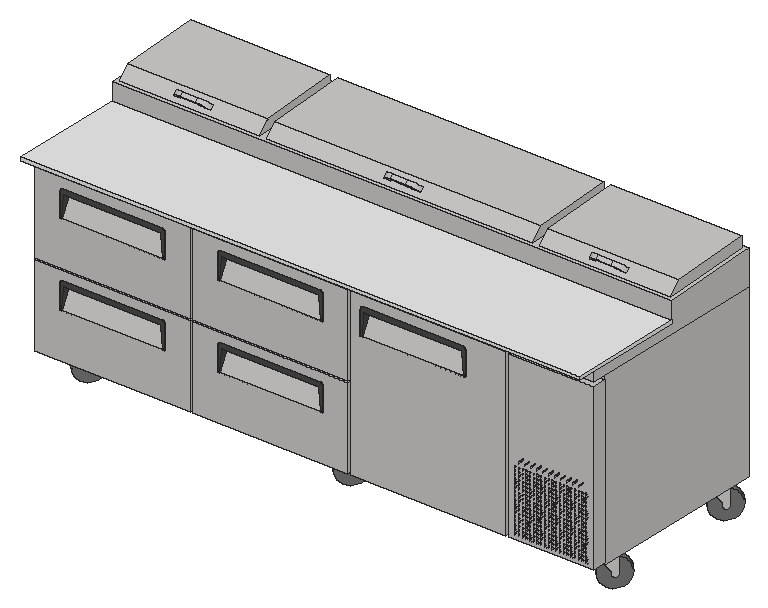
Revit family "QF_Turbo Air_TPR-93SD-D4", category Specialty Equipment, Revit 2012
Parameters
  Weight in Pounds = 722
  Watermarked By = "http://revitwatermark.com"
  Volts = 115 V
  URL Cutsheet = ""
  URL = "www.turboairinc.com"
  Status [instance] = ""
  Specification by User [instance] = ""
  Specification by Manufacturer [instance] = ""
  Serial Number [instance] = ""
  Revision Code [instance] = ""
  Phase = 1
  Number of Poles [instance] = 1
  NAFEM Spec ID Number [instance] = ""
  Model = "TPR-93SD-D4"
  Masterspec [instance] = ""
  Manufacturer = "Turbo Air"  # constant formula
  Legs [instance] = [6 inch Legs]  # no
  Item Number [instance] = "-"
  Installed By [instance] = ""
  HP = "2/3"
  Furnished By [instance] = ""
  Foodservice Equipment Identifier = yes
  FL Amps = 11 A
  Electrical Remarks [instance] = ""
  Electric Connection Type [instance] = ""
  Elec Conn RI Height [instance] = 0' - 0"
  Elec Conn Connection Height = 1' - 0"
  Description = "Pizza Prep Table"
  Cycle = 60 Hz
  Conn Plug = "NEMA 5-15P"
  Casters [instance] = not(Legs)  # yes
  CasterLeg Height [instance] = if([5 inch Casters], 0' 5 7/8", if([2_5 inch Casters], 0' 3 3/8", 0' 6"))  # 0' - 5 7/8"
  CSI MasterFormat = "11 41 13"
  Assembly Code = "E1090320"
  Apparent Power = if(Phase = 3, Volts * FL Amps * 1.73, Volts * FL Amps)  # 1265 VA
  6 inch Legs [instance] = no
  5 inch Casters [instance] = yes
  2_5 inch Casters [instance] = no
Reference planes (in)
  plane 1 "BACK": y = 0
  plane 2: z = 0
  plane 3 "LEFT": x = -20.78844
  plane 4 "RIGHT": x = 72.58656
  plane 5 "Front of Door": y = -32.25
  plane 6 "FRONT": y = -35.25
  plane 7 "Front of Pans": y = -16
  plane 8 "Left of Compressor": x = 58.46156
  plane 9 "Right of Left Door": x = 5.21156
  plane 10 "Bottom": z = 5.875
  plane 11 "TOP": z = 41.875
  plane 12 "Door Clearance": z = 53.25
  plane 13 "Work Top": z = 35.875
  plane 14: z = 34.3125
  plane 15 "Top of Door": z = 33.5625
  plane 16 "Bottom of Door": z = 6.125
  plane 17 "Back Stops": y = 1
  plane 18 "Front of Box": y = -29.875
  plane 19 "Left of Left Lid": x = -20.10094
  plane 20 "Right of Right Lid": x = 71.89906
  plane 21 "Handle Center of Left Lid": x = -8.44469
  plane 22 "Handle Elevation": z = 40.14331
  plane 23 "Handle Center FB": y = -14.47887
  plane 24 "Right of Right Door": x = 57.96156
  plane 25 "Left of Right Door": x = 31.96156
  plane 26 "Right of Left Lid": x = 3.21156
  plane 27 "Left of Right Lid": x = 50.02406
  plane 28 "Handle Center Right Lid": x = 60.96156
  plane 29 "Left of Middle Lid": x = 4.39906
  plane 30 "Right of Middle Lid": x = 48.83656
  plane 31 "Handle Center Middle Lid": x = 26.61781
  plane 32 "Left of Middle Door": x = 5.58656
  plane 33 "Right of Middle Door": x = 31.58656
  plane 34 "Front of Drawer Clearance": y = -57.375
Forms (in)
  Extrusion 1, solid, material "QF_Finishes_Stainless Steel"
    sketch origin (-20.78844, 0, 0) x (0, 1, 0) y (0, 0, 1)
      loop
        line (0, 34.3125) -> (-29.875, 34.3125) -> (-29.875, 5.875) -> (0, 5.875) -> (0, 34.3125)
    from 0 to 93.375
  Extrusion 2, solid, material "QF_Finishes_Stainless Steel"
    sketch origin (-20.78844, 0, 0) x (0, 1, 0) y (0, 0, 1)
      loop
        line (0, 34.3125) -> (0, 40.1875) -> (-16, 39.1875) -> (-16, 35.875) -> (-32.25, 35.875) -> (-32.25, 34.3125) -> (0, 34.3125)
    from 0 to 93.375
  Extrusion 3, solid, material "QF_Finishes_Stainless Steel"
    sketch origin (-20.10094, 0, 0) x (0, 1, 0) y (0, 0, 1)
      loop
        line (-0.43665, 40.16021) -> (-0.54382, 41.875) -> (-13.67506, 41.0543) -> (-15.28268, 39.23233) -> (-0.43665, 40.16021)
    from 0 to 23.3125
  Extrusion 4, solid, material "QF_Finishes_Stainless Steel"
    sketch origin (0, 15.62211, 13.58363) x (1, 0, 0) y (0, -0.749838, 0.661622)
      loop
        line (-6.44469, 40.14331) -> (-5.44469, 40.14331)
        arc (-5.44469, 40.14331) -> (-6.1194, 41.04872) -> (-7.19469, 41.39331) r 1.85
        line (-7.19469, 41.39331) -> (-9.69469, 41.39331)
        arc (-9.69469, 41.39331) -> (-10.76998, 41.04872) -> (-11.44469, 40.14331) r 1.85
        line (-11.44469, 40.14331) -> (-10.44469, 40.14331) -> (-10.44469, 40.64331)
        arc (-10.44469, 40.64331) -> (-10.29824, 40.99687) -> (-9.94469, 41.14331) r 0.5
        line (-9.94469, 41.14331) -> (-6.94469, 41.14331)
        arc (-6.94469, 41.14331) -> (-6.59114, 40.99687) -> (-6.44469, 40.64331) r 0.5
        line (-6.44469, 40.64331) -> (-6.44469, 40.14331)
    from -0.375 to 0.375
  Extrusion 5, solid, material "QF_Finishes_Black"
    sketch origin (0, -29.875, 0) x (1, 0, 0) y (0, 0, 1)
      loop
        line (-19.78844, 32.5625) -> (-19.78844, 7.125) -> (4.21156, 7.125) -> (4.21156, 32.5625) -> (-19.78844, 32.5625)
    from 0 to 0.5625
  Extrusion 6, solid, material "QF_Finishes_Stainless Steel"
    sketch origin (0, -29.875, 0) x (1, 0, 0) y (0, 0, 1)
      loop
        line (58.46156, 33.5625) -> (58.46156, 6.125) -> (72.58656, 6.125) -> (72.58656, 33.5625) -> (58.46156, 33.5625)
      loop
        line (66.02406, 7.125) -> (65.64906, 7.125) -> (65.64906, 6.75) -> (66.02406, 6.75) -> (66.02406, 7.125)
      loop
        line (66.64906, 7.125) -> (66.27406, 7.125) -> (66.27406, 6.75) -> (66.64906, 6.75) -> (66.64906, 7.125)
      loop
        line (67.27406, 7.125) -> (66.89906, 7.125) -> (66.89906, 6.75) -> (67.27406, 6.75) -> (67.27406, 7.125)
      loop
        line (67.89906, 7.125) -> (67.52406, 7.125) -> (67.52406, 6.75) -> (67.89906, 6.75) -> (67.89906, 7.125)
      loop
        line (68.52406, 7.125) -> (68.14906, 7.125) -> (68.14906, 6.75) -> (68.52406, 6.75) -> (68.52406, 7.125)
      loop
        line (69.14906, 7.125) -> (68.77406, 7.125) -> (68.77406, 6.75) -> (69.14906, 6.75) -> (69.14906, 7.125)
      loop
        line (69.77406, 7.125) -> (69.39906, 7.125) -> (69.39906, 6.75) -> (69.77406, 6.75) -> (69.77406, 7.125)
      loop
        line (70.39906, 7.125) -> (70.02406, 7.125) -> (70.02406, 6.75) -> (70.39906, 6.75) -> (70.39906, 7.125)
      loop
        line (71.02406, 7.125) -> (70.64906, 7.125) -> (70.64906, 6.75) -> (71.02406, 6.75) -> (71.02406, 7.125)
      loop
        line (71.64906, 6.75) -> (71.64906, 7.125) -> (71.27406, 7.125) -> (71.27406, 6.75) -> (71.64906, 6.75)
      loop
        line (65.02406, 7.125) -> (65.02406, 6.75) -> (65.39906, 6.75) -> (65.39906, 7.125) -> (65.02406, 7.125)
      loop
        line (64.39906, 7.125) -> (64.39906, 6.75) -> (64.77406, 6.75) -> (64.77406, 7.125) -> (64.39906, 7.125)
      loop
        line (63.77406, 7.125) -> (63.77406, 6.75) -> (64.14906, 6.75) -> (64.14906, 7.125) -> (63.77406, 7.125)
      loop
        line (63.14906, 7.125) -> (63.14906, 6.75) -> (63.52406, 6.75) -> (63.52406, 7.125) -> (63.14906, 7.125)
      loop
        line (62.52406, 7.125) -> (62.52406, 6.75) -> (62.89906, 6.75) -> (62.89906, 7.125) -> (62.52406, 7.125)
      loop
        line (61.89906, 7.125) -> (61.89906, 6.75) -> (62.27406, 6.75) -> (62.27406, 7.125) -> (61.89906, 7.125)
      loop
        line (61.27406, 7.125) -> (61.27406, 6.75) -> (61.64906, 6.75) -> (61.64906, 7.125) -> (61.27406, 7.125)
      loop
        line (60.64906, 7.125) -> (60.64906, 6.75) -> (61.02406, 6.75) -> (61.02406, 7.125) -> (60.64906, 7.125)
      loop
        line (60.02406, 7.125) -> (60.02406, 6.75) -> (60.39906, 6.75) -> (60.39906, 7.125) -> (60.02406, 7.125)
      loop
        line (59.39906, 6.75) -> (59.77406, 6.75) -> (59.77406, 7.125) -> (59.39906, 7.125) -> (59.39906, 6.75)
      loop
        line (66.02406, 7.75) -> (65.64906, 7.75) -> (65.64906, 7.375) -> (66.02406, 7.375) -> (66.02406, 7.75)
      loop
        line (66.64906, 7.75) -> (66.27406, 7.75) -> (66.27406, 7.375) -> (66.64906, 7.375) -> (66.64906, 7.75)
      loop
        line (67.27406, 7.75) -> (66.89906, 7.75) -> (66.89906, 7.375) -> (67.27406, 7.375) -> (67.27406, 7.75)
      loop
        line (67.89906, 7.75) -> (67.52406, 7.75) -> (67.52406, 7.375) -> (67.89906, 7.375) -> (67.89906, 7.75)
      loop
        line (68.52406, 7.75) -> (68.14906, 7.75) -> (68.14906, 7.375) -> (68.52406, 7.375) -> (68.52406, 7.75)
      loop
        line (69.14906, 7.75) -> (68.77406, 7.75) -> (68.77406, 7.375) -> (69.14906, 7.375) -> (69.14906, 7.75)
      loop
        line (69.77406, 7.75) -> (69.39906, 7.75) -> (69.39906, 7.375) -> (69.77406, 7.375) -> (69.77406, 7.75)
      loop
        line (70.39906, 7.75) -> (70.02406, 7.75) -> (70.02406, 7.375) -> (70.39906, 7.375) -> (70.39906, 7.75)
      loop
        line (71.02406, 7.75) -> (70.64906, 7.75) -> (70.64906, 7.375) -> (71.02406, 7.375) -> (71.02406, 7.75)
      loop
        line (71.64906, 7.375) -> (71.64906, 7.75) -> (71.27406, 7.75) -> (71.27406, 7.375) -> (71.64906, 7.375)
      loop
        line (65.02406, 7.75) -> (65.02406, 7.375) -> (65.39906, 7.375) -> (65.39906, 7.75) -> (65.02406, 7.75)
      loop
        line (64.39906, 7.75) -> (64.39906, 7.375) -> (64.77406, 7.375) -> (64.77406, 7.75) -> (64.39906, 7.75)
      loop
        line (63.77406, 7.75) -> (63.77406, 7.375) -> (64.14906, 7.375) -> (64.14906, 7.75) -> (63.77406, 7.75)
      loop
        line (63.14906, 7.75) -> (63.14906, 7.375) -> (63.52406, 7.375) -> (63.52406, 7.75) -> (63.14906, 7.75)
      loop
        line (62.52406, 7.75) -> (62.52406, 7.375) -> (62.89906, 7.375) -> (62.89906, 7.75) -> (62.52406, 7.75)
      loop
        line (61.89906, 7.75) -> (61.89906, 7.375) -> (62.27406, 7.375) -> (62.27406, 7.75) -> (61.89906, 7.75)
      loop
        line (61.27406, 7.75) -> (61.27406, 7.375) -> (61.64906, 7.375) -> (61.64906, 7.75) -> (61.27406, 7.75)
      loop
        line (60.64906, 7.75) -> (60.64906, 7.375) -> (61.02406, 7.375) -> (61.02406, 7.75) -> (60.64906, 7.75)
      loop
        line (60.02406, 7.75) -> (60.02406, 7.375) -> (60.39906, 7.375) -> (60.39906, 7.75) -> (60.02406, 7.75)
      loop
        line (59.39906, 7.375) -> (59.77406, 7.375) -> (59.77406, 7.75) -> (59.39906, 7.75) -> (59.39906, 7.375)
      loop
        line (66.02406, 8.375) -> (65.64906, 8.375) -> (65.64906, 8) -> (66.02406, 8) -> (66.02406, 8.375)
      loop
        line (66.64906, 8.375) -> (66.27406, 8.375) -> (66.27406, 8) -> (66.64906, 8) -> (66.64906, 8.375)
      loop
        line (67.27406, 8.375) -> (66.89906, 8.375) -> (66.89906, 8) -> (67.27406, 8) -> (67.27406, 8.375)
      loop
        line (67.89906, 8.375) -> (67.52406, 8.375) -> (67.52406, 8) -> (67.89906, 8) -> (67.89906, 8.375)
      loop
        line (68.52406, 8.375) -> (68.14906, 8.375) -> (68.14906, 8) -> (68.52406, 8) -> (68.52406, 8.375)
      loop
        line (69.14906, 8.375) -> (68.77406, 8.375) -> (68.77406, 8) -> (69.14906, 8) -> (69.14906, 8.375)
      loop
        line (69.77406, 8.375) -> (69.39906, 8.375) -> (69.39906, 8) -> (69.77406, 8) -> (69.77406, 8.375)
      loop
        line (70.39906, 8.375) -> (70.02406, 8.375) -> (70.02406, 8) -> (70.39906, 8) -> (70.39906, 8.375)
      loop
        line (71.02406, 8.375) -> (70.64906, 8.375) -> (70.64906, 8) -> (71.02406, 8) -> (71.02406, 8.375)
      loop
        line (71.64906, 8) -> (71.64906, 8.375) -> (71.27406, 8.375) -> (71.27406, 8) -> (71.64906, 8)
      loop
        line (65.02406, 8.375) -> (65.02406, 8) -> (65.39906, 8) -> (65.39906, 8.375) -> (65.02406, 8.375)
      loop
        line (64.39906, 8.375) -> (64.39906, 8) -> (64.77406, 8) -> (64.77406, 8.375) -> (64.39906, 8.375)
      loop
        line (63.77406, 8.375) -> (63.77406, 8) -> (64.14906, 8) -> (64.14906, 8.375) -> (63.77406, 8.375)
      loop
        line (63.14906, 8.375) -> (63.14906, 8) -> (63.52406, 8) -> (63.52406, 8.375) -> (63.14906, 8.375)
      loop
        line (62.52406, 8.375) -> (62.52406, 8) -> (62.89906, 8) -> (62.89906, 8.375) -> (62.52406, 8.375)
      loop
        line (61.89906, 8.375) -> (61.89906, 8) -> (62.27406, 8) -> (62.27406, 8.375) -> (61.89906, 8.375)
      loop
        line (61.27406, 8.375) -> (61.27406, 8) -> (61.64906, 8) -> (61.64906, 8.375) -> (61.27406, 8.375)
      loop
        line (60.64906, 8.375) -> (60.64906, 8) -> (61.02406, 8) -> (61.02406, 8.375) -> (60.64906, 8.375)
      loop
        line (60.02406, 8.375) -> (60.02406, 8) -> (60.39906, 8) -> (60.39906, 8.375) -> (60.02406, 8.375)
      loop
        line (59.39906, 8) -> (59.77406, 8) -> (59.77406, 8.375) -> (59.39906, 8.375) -> (59.39906, 8)
      loop
        line (66.02406, 9) -> (65.64906, 9) -> (65.64906, 8.625) -> (66.02406, 8.625) -> (66.02406, 9)
      loop
        line (66.64906, 9) -> (66.27406, 9) -> (66.27406, 8.625) -> (66.64906, 8.625) -> (66.64906, 9)
      loop
        line (67.27406, 9) -> (66.89906, 9) -> (66.89906, 8.625) -> (67.27406, 8.625) -> (67.27406, 9)
      loop
        line (67.89906, 9) -> (67.52406, 9) -> (67.52406, 8.625) -> (67.89906, 8.625) -> (67.89906, 9)
      loop
        line (68.52406, 9) -> (68.14906, 9) -> (68.14906, 8.625) -> (68.52406, 8.625) -> (68.52406, 9)
      loop
        line (69.14906, 9) -> (68.77406, 9) -> (68.77406, 8.625) -> (69.14906, 8.625) -> (69.14906, 9)
      loop
        line (69.77406, 9) -> (69.39906, 9) -> (69.39906, 8.625) -> (69.77406, 8.625) -> (69.77406, 9)
      loop
        line (70.39906, 9) -> (70.02406, 9) -> (70.02406, 8.625) -> (70.39906, 8.625) -> (70.39906, 9)
      loop
        line (71.02406, 9) -> (70.64906, 9) -> (70.64906, 8.625) -> (71.02406, 8.625) -> (71.02406, 9)
      loop
        line (71.64906, 8.625) -> (71.64906, 9) -> (71.27406, 9) -> (71.27406, 8.625) -> (71.64906, 8.625)
      loop
        line (65.02406, 9) -> (65.02406, 8.625) -> (65.39906, 8.625) -> (65.39906, 9) -> (65.02406, 9)
      loop
        line (64.39906, 9) -> (64.39906, 8.625) -> (64.77406, 8.625) -> (64.77406, 9) -> (64.39906, 9)
      loop
        line (63.77406, 9) -> (63.77406, 8.625) -> (64.14906, 8.625) -> (64.14906, 9) -> (63.77406, 9)
      loop
        line (63.14906, 9) -> (63.14906, 8.625) -> (63.52406, 8.625) -> (63.52406, 9) -> (63.14906, 9)
      loop
        line (62.52406, 9) -> (62.52406, 8.625) -> (62.89906, 8.625) -> (62.89906, 9) -> (62.52406, 9)
      loop
        line (61.89906, 9) -> (61.89906, 8.625) -> (62.27406, 8.625) -> (62.27406, 9) -> (61.89906, 9)
      loop
        line (61.27406, 9) -> (61.27406, 8.625) -> (61.64906, 8.625) -> (61.64906, 9) -> (61.27406, 9)
      loop
        line (60.64906, 9) -> (60.64906, 8.625) -> (61.02406, 8.625) -> (61.02406, 9) -> (60.64906, 9)
      loop
        line (60.02406, 9) -> (60.02406, 8.625) -> (60.39906, 8.625) -> (60.39906, 9) -> (60.02406, 9)
      loop
        line (59.39906, 8.625) -> (59.77406, 8.625) -> (59.77406, 9) -> (59.39906, 9) -> (59.39906, 8.625)
      loop
        line (66.02406, 9.625) -> (65.64906, 9.625) -> (65.64906, 9.25) -> (66.02406, 9.25) -> (66.02406, 9.625)
      loop
        line (66.64906, 9.625) -> (66.27406, 9.625) -> (66.27406, 9.25) -> (66.64906, 9.25) -> (66.64906, 9.625)
      loop
        line (67.27406, 9.625) -> (66.89906, 9.625) -> (66.89906, 9.25) -> (67.27406, 9.25) -> (67.27406, 9.625)
      loop
        line (67.89906, 9.625) -> (67.52406, 9.625) -> (67.52406, 9.25) -> (67.89906, 9.25) -> (67.89906, 9.625)
      loop
        line (68.52406, 9.625) -> (68.14906, 9.625) -> (68.14906, 9.25) -> (68.52406, 9.25) -> (68.52406, 9.625)
      loop
        line (69.14906, 9.625) -> (68.77406, 9.625) -> (68.77406, 9.25) -> (69.14906, 9.25) -> (69.14906, 9.625)
      loop
        line (69.77406, 9.625) -> (69.39906, 9.625) -> (69.39906, 9.25) -> (69.77406, 9.25) -> (69.77406, 9.625)
      loop
        line (70.39906, 9.625) -> (70.02406, 9.625) -> (70.02406, 9.25) -> (70.39906, 9.25) -> (70.39906, 9.625)
      loop
        line (71.02406, 9.625) -> (70.64906, 9.625) -> (70.64906, 9.25) -> (71.02406, 9.25) -> (71.02406, 9.625)
      loop
        line (71.64906, 9.25) -> (71.64906, 9.625) -> (71.27406, 9.625) -> (71.27406, 9.25) -> (71.64906, 9.25)
      loop
        line (65.02406, 9.625) -> (65.02406, 9.25) -> (65.39906, 9.25) -> (65.39906, 9.625) -> (65.02406, 9.625)
      loop
        line (64.39906, 9.625) -> (64.39906, 9.25) -> (64.77406, 9.25) -> (64.77406, 9.625) -> (64.39906, 9.625)
      loop
        line (63.77406, 9.625) -> (63.77406, 9.25) -> (64.14906, 9.25) -> (64.14906, 9.625) -> (63.77406, 9.625)
      loop
        line (63.14906, 9.625) -> (63.14906, 9.25) -> (63.52406, 9.25) -> (63.52406, 9.625) -> (63.14906, 9.625)
      loop
        line (62.52406, 9.625) -> (62.52406, 9.25) -> (62.89906, 9.25) -> (62.89906, 9.625) -> (62.52406, 9.625)
      loop
        line (61.89906, 9.625) -> (61.89906, 9.25) -> (62.27406, 9.25) -> (62.27406, 9.625) -> (61.89906, 9.625)
      loop
        line (61.27406, 9.625) -> (61.27406, 9.25) -> (61.64906, 9.25) -> (61.64906, 9.625) -> (61.27406, 9.625)
      loop
        line (60.64906, 9.625) -> (60.64906, 9.25) -> (61.02406, 9.25) -> (61.02406, 9.625) -> (60.64906, 9.625)
      loop
        line (60.02406, 9.625) -> (60.02406, 9.25) -> (60.39906, 9.25) -> (60.39906, 9.625) -> (60.02406, 9.625)
      loop
        line (59.39906, 9.25) -> (59.77406, 9.25) -> (59.77406, 9.625) -> (59.39906, 9.625) -> (59.39906, 9.25)
      loop
        line (66.02406, 10.25) -> (65.64906, 10.25) -> (65.64906, 9.875) -> (66.02406, 9.875) -> (66.02406, 10.25)
      loop
        line (66.64906, 10.25) -> (66.27406, 10.25) -> (66.27406, 9.875) -> (66.64906, 9.875) -> (66.64906, 10.25)
      loop
        line (67.27406, 10.25) -> (66.89906, 10.25) -> (66.89906, 9.875) -> (67.27406, 9.875) -> (67.27406, 10.25)
      loop
        line (67.89906, 10.25) -> (67.52406, 10.25) -> (67.52406, 9.875) -> (67.89906, 9.875) -> (67.89906, 10.25)
      loop
        line (68.52406, 10.25) -> (68.14906, 10.25) -> (68.14906, 9.875) -> (68.52406, 9.875) -> (68.52406, 10.25)
      loop
        line (69.14906, 10.25) -> (68.77406, 10.25) -> (68.77406, 9.875) -> (69.14906, 9.875) -> (69.14906, 10.25)
      loop
        line (69.77406, 10.25) -> (69.39906, 10.25) -> (69.39906, 9.875) -> (69.77406, 9.875) -> (69.77406, 10.25)
      loop
        line (70.39906, 10.25) -> (70.02406, 10.25) -> (70.02406, 9.875) -> (70.39906, 9.875) -> (70.39906, 10.25)
      loop
        line (71.02406, 10.25) -> (70.64906, 10.25) -> (70.64906, 9.875) -> (71.02406, 9.875) -> (71.02406, 10.25)
      loop
        line (71.64906, 9.875) -> (71.64906, 10.25) -> (71.27406, 10.25) -> (71.27406, 9.875) -> (71.64906, 9.875)
      loop
        line (65.02406, 10.25) -> (65.02406, 9.875) -> (65.39906, 9.875) -> (65.39906, 10.25) -> (65.02406, 10.25)
      loop
        line (64.39906, 10.25) -> (64.39906, 9.875) -> (64.77406, 9.875) -> (64.77406, 10.25) -> (64.39906, 10.25)
      loop
        line (63.77406, 10.25) -> (63.77406, 9.875) -> (64.14906, 9.875) -> (64.14906, 10.25) -> (63.77406, 10.25)
      loop
        line (63.14906, 10.25) -> (63.14906, 9.875) -> (63.52406, 9.875) -> (63.52406, 10.25) -> (63.14906, 10.25)
      loop
        line (62.52406, 10.25) -> (62.52406, 9.875) -> (62.89906, 9.875) -> (62.89906, 10.25) -> (62.52406, 10.25)
      loop
        line (61.89906, 10.25) -> (61.89906, 9.875) -> (62.27406, 9.875) -> (62.27406, 10.25) -> (61.89906, 10.25)
      loop
        line (61.27406, 10.25) -> (61.27406, 9.875) -> (61.64906, 9.875) -> (61.64906, 10.25) -> (61.27406, 10.25)
      loop
        line (60.64906, 10.25) -> (60.64906, 9.875) -> (61.02406, 9.875) -> (61.02406, 10.25) -> (60.64906, 10.25)
      loop
        line (60.02406, 10.25) -> (60.02406, 9.875) -> (60.39906, 9.875) -> (60.39906, 10.25) -> (60.02406, 10.25)
      loop
        line (59.39906, 9.875) -> (59.77406, 9.875) -> (59.77406, 10.25) -> (59.39906, 10.25) -> (59.39906, 9.875)
      loop
        line (66.02406, 10.875) -> (65.64906, 10.875) -> (65.64906, 10.5) -> (66.02406, 10.5) -> (66.02406, 10.875)
      loop
        line (66.64906, 10.875) -> (66.27406, 10.875) -> (66.27406, 10.5) -> (66.64906, 10.5) -> (66.64906, 10.875)
      loop
        line (67.27406, 10.875) -> (66.89906, 10.875) -> (66.89906, 10.5) -> (67.27406, 10.5) -> (67.27406, 10.875)
      loop
        line (67.89906, 10.875) -> (67.52406, 10.875) -> (67.52406, 10.5) -> (67.89906, 10.5) -> (67.89906, 10.875)
      loop
        line (68.52406, 10.875) -> (68.14906, 10.875) -> (68.14906, 10.5) -> (68.52406, 10.5) -> (68.52406, 10.875)
      loop
        line (69.14906, 10.875) -> (68.77406, 10.875) -> (68.77406, 10.5) -> (69.14906, 10.5) -> (69.14906, 10.875)
      loop
        line (69.77406, 10.875) -> (69.39906, 10.875) -> (69.39906, 10.5) -> (69.77406, 10.5) -> (69.77406, 10.875)
      loop
        line (70.39906, 10.875) -> (70.02406, 10.875) -> (70.02406, 10.5) -> (70.39906, 10.5) -> (70.39906, 10.875)
      loop
        line (71.02406, 10.875) -> (70.64906, 10.875) -> (70.64906, 10.5) -> (71.02406, 10.5) -> (71.02406, 10.875)
      loop
        line (71.64906, 10.5) -> (71.64906, 10.875) -> (71.27406, 10.875) -> (71.27406, 10.5) -> (71.64906, 10.5)
      loop
        line (65.02406, 10.875) -> (65.02406, 10.5) -> (65.39906, 10.5) -> (65.39906, 10.875) -> (65.02406, 10.875)
      loop
        line (64.39906, 10.875) -> (64.39906, 10.5) -> (64.77406, 10.5) -> (64.77406, 10.875) -> (64.39906, 10.875)
      loop
        line (63.77406, 10.875) -> (63.77406, 10.5) -> (64.14906, 10.5) -> (64.14906, 10.875) -> (63.77406, 10.875)
      loop
        line (63.14906, 10.875) -> (63.14906, 10.5) -> (63.52406, 10.5) -> (63.52406, 10.875) -> (63.14906, 10.875)
      loop
        line (62.52406, 10.875) -> (62.52406, 10.5) -> (62.89906, 10.5) -> (62.89906, 10.875) -> (62.52406, 10.875)
      loop
        line (61.89906, 10.875) -> (61.89906, 10.5) -> (62.27406, 10.5) -> (62.27406, 10.875) -> (61.89906, 10.875)
      loop
        line (61.27406, 10.875) -> (61.27406, 10.5) -> (61.64906, 10.5) -> (61.64906, 10.875) -> (61.27406, 10.875)
      loop
        line (60.64906, 10.875) -> (60.64906, 10.5) -> (61.02406, 10.5) -> (61.02406, 10.875) -> (60.64906, 10.875)
      loop
        line (60.02406, 10.875) -> (60.02406, 10.5) -> (60.39906, 10.5) -> (60.39906, 10.875) -> (60.02406, 10.875)
      loop
        line (59.39906, 10.5) -> (59.77406, 10.5) -> (59.77406, 10.875) -> (59.39906, 10.875) -> (59.39906, 10.5)
      loop
        line (66.02406, 11.5) -> (65.64906, 11.5) -> (65.64906, 11.125) -> (66.02406, 11.125) -> (66.02406, 11.5)
      loop
        line (66.64906, 11.5) -> (66.27406, 11.5) -> (66.27406, 11.125) -> (66.64906, 11.125) -> (66.64906, 11.5)
      loop
        line (67.27406, 11.5) -> (66.89906, 11.5) -> (66.89906, 11.125) -> (67.27406, 11.125) -> (67.27406, 11.5)
      loop
        line (67.89906, 11.5) -> (67.52406, 11.5) -> (67.52406, 11.125) -> (67.89906, 11.125) -> (67.89906, 11.5)
      loop
        line (68.52406, 11.5) -> (68.14906, 11.5) -> (68.14906, 11.125) -> (68.52406, 11.125) -> (68.52406, 11.5)
      loop
        line (69.14906, 11.5) -> (68.77406, 11.5) -> (68.77406, 11.125) -> (69.14906, 11.125) -> (69.14906, 11.5)
      loop
        line (69.77406, 11.5) -> (69.39906, 11.5) -> (69.39906, 11.125) -> (69.77406, 11.125) -> (69.77406, 11.5)
      loop
        line (70.39906, 11.5) -> (70.02406, 11.5) -> (70.02406, 11.125) -> (70.39906, 11.125) -> (70.39906, 11.5)
      loop
        line (71.02406, 11.5) -> (70.64906, 11.5) -> (70.64906, 11.125) -> (71.02406, 11.125) -> (71.02406, 11.5)
      loop
        line (71.64906, 11.125) -> (71.64906, 11.5) -> (71.27406, 11.5) -> (71.27406, 11.125) -> (71.64906, 11.125)
      loop
        line (65.02406, 11.5) -> (65.02406, 11.125) -> (65.39906, 11.125) -> (65.39906, 11.5) -> (65.02406, 11.5)
      loop
        line (64.39906, 11.5) -> (64.39906, 11.125) -> (64.77406, 11.125) -> (64.77406, 11.5) -> (64.39906, 11.5)
      loop
        line (63.77406, 11.5) -> (63.77406, 11.125) -> (64.14906, 11.125) -> (64.14906, 11.5) -> (63.77406, 11.5)
      loop
        line (63.14906, 11.5) -> (63.14906, 11.125) -> (63.52406, 11.125) -> (63.52406, 11.5) -> (63.14906, 11.5)
      loop
        line (62.52406, 11.5) -> (62.52406, 11.125) -> (62.89906, 11.125) -> (62.89906, 11.5) -> (62.52406, 11.5)
      loop
        line (61.89906, 11.5) -> (61.89906, 11.125) -> (62.27406, 11.125) -> (62.27406, 11.5) -> (61.89906, 11.5)
      loop
        line (61.27406, 11.5) -> (61.27406, 11.125) -> (61.64906, 11.125) -> (61.64906, 11.5) -> (61.27406, 11.5)
      loop
        line (60.64906, 11.5) -> (60.64906, 11.125) -> (61.02406, 11.125) -> (61.02406, 11.5) -> (60.64906, 11.5)
      loop
        line (60.02406, 11.5) -> (60.02406, 11.125) -> (60.39906, 11.125) -> (60.39906, 11.5) -> (60.02406, 11.5)
      loop
        line (59.39906, 11.125) -> (59.77406, 11.125) -> (59.77406, 11.5) -> (59.39906, 11.5) -> (59.39906, 11.125)
      loop
        line (66.02406, 12.125) -> (65.64906, 12.125) -> (65.64906, 11.75) -> (66.02406, 11.75) -> (66.02406, 12.125)
      loop
        line (66.64906, 12.125) -> (66.27406, 12.125) -> (66.27406, 11.75) -> (66.64906, 11.75) -> (66.64906, 12.125)
      loop
        line (67.27406, 12.125) -> (66.89906, 12.125) -> (66.89906, 11.75) -> (67.27406, 11.75) -> (67.27406, 12.125)
      loop
        line (67.89906, 12.125) -> (67.52406, 12.125) -> (67.52406, 11.75) -> (67.89906, 11.75) -> (67.89906, 12.125)
      loop
        line (68.52406, 12.125) -> (68.14906, 12.125) -> (68.14906, 11.75) -> (68.52406, 11.75) -> (68.52406, 12.125)
      loop
        line (69.14906, 12.125) -> (68.77406, 12.125) -> (68.77406, 11.75) -> (69.14906, 11.75) -> (69.14906, 12.125)
      loop
        line (69.77406, 12.125) -> (69.39906, 12.125) -> (69.39906, 11.75) -> (69.77406, 11.75) -> (69.77406, 12.125)
      loop
        line (70.39906, 12.125) -> (70.02406, 12.125) -> (70.02406, 11.75) -> (70.39906, 11.75) -> (70.39906, 12.125)
      loop
        line (71.02406, 12.125) -> (70.64906, 12.125) -> (70.64906, 11.75) -> (71.02406, 11.75) -> (71.02406, 12.125)
      loop
        line (71.64906, 11.75) -> (71.64906, 12.125) -> (71.27406, 12.125) -> (71.27406, 11.75) -> (71.64906, 11.75)
      loop
        line (65.02406, 12.125) -> (65.02406, 11.75) -> (65.39906, 11.75) -> (65.39906, 12.125) -> (65.02406, 12.125)
      loop
        line (64.39906, 12.125) -> (64.39906, 11.75) -> (64.77406, 11.75) -> (64.77406, 12.125) -> (64.39906, 12.125)
      loop
        line (63.77406, 12.125) -> (63.77406, 11.75) -> (64.14906, 11.75) -> (64.14906, 12.125) -> (63.77406, 12.125)
      loop
        line (63.14906, 12.125) -> (63.14906, 11.75) -> (63.52406, 11.75) -> (63.52406, 12.125) -> (63.14906, 12.125)
      loop
        line (62.52406, 12.125) -> (62.52406, 11.75) -> (62.89906, 11.75) -> (62.89906, 12.125) -> (62.52406, 12.125)
      loop
        line (61.89906, 12.125) -> (61.89906, 11.75) -> (62.27406, 11.75) -> (62.27406, 12.125) -> (61.89906, 12.125)
      loop
        line (61.27406, 12.125) -> (61.27406, 11.75) -> (61.64906, 11.75) -> (61.64906, 12.125) -> (61.27406, 12.125)
      loop
        line (60.64906, 12.125) -> (60.64906, 11.75) -> (61.02406, 11.75) -> (61.02406, 12.125) -> (60.64906, 12.125)
      loop
        line (60.02406, 12.125) -> (60.02406, 11.75) -> (60.39906, 11.75) -> (60.39906, 12.125) -> (60.02406, 12.125)
      loop
        line (59.39906, 11.75) -> (59.77406, 11.75) -> (59.77406, 12.125) -> (59.39906, 12.125) -> (59.39906, 11.75)
      loop
        line (66.02406, 12.75) -> (65.64906, 12.75) -> (65.64906, 12.375) -> (66.02406, 12.375) -> (66.02406, 12.75)
      loop
        line (66.64906, 12.75) -> (66.27406, 12.75) -> (66.27406, 12.375) -> (66.64906, 12.375) -> (66.64906, 12.75)
      loop
        line (67.27406, 12.75) -> (66.89906, 12.75) -> (66.89906, 12.375) -> (67.27406, 12.375) -> (67.27406, 12.75)
      loop
        line (67.89906, 12.75) -> (67.52406, 12.75) -> (67.52406, 12.375) -> (67.89906, 12.375) -> (67.89906, 12.75)
      loop
        line (68.52406, 12.75) -> (68.14906, 12.75) -> (68.14906, 12.375) -> (68.52406, 12.375) -> (68.52406, 12.75)
      loop
        line (69.14906, 12.75) -> (68.77406, 12.75) -> (68.77406, 12.375) -> (69.14906, 12.375) -> (69.14906, 12.75)
      loop
        line (69.77406, 12.75) -> (69.39906, 12.75) -> (69.39906, 12.375) -> (69.77406, 12.375) -> (69.77406, 12.75)
      loop
        line (70.39906, 12.75) -> (70.02406, 12.75) -> (70.02406, 12.375) -> (70.39906, 12.375) -> (70.39906, 12.75)
      loop
        line (71.02406, 12.75) -> (70.64906, 12.75) -> (70.64906, 12.375) -> (71.02406, 12.375) -> (71.02406, 12.75)
      loop
        line (71.64906, 12.375) -> (71.64906, 12.75) -> (71.27406, 12.75) -> (71.27406, 12.375) -> (71.64906, 12.375)
      loop
        line (65.02406, 12.75) -> (65.02406, 12.375) -> (65.39906, 12.375) -> (65.39906, 12.75) -> (65.02406, 12.75)
      loop
        line (64.39906, 12.75) -> (64.39906, 12.375) -> (64.77406, 12.375) -> (64.77406, 12.75) -> (64.39906, 12.75)
      loop
        line (63.77406, 12.75) -> (63.77406, 12.375) -> (64.14906, 12.375) -> (64.14906, 12.75) -> (63.77406, 12.75)
      loop
        line (63.14906, 12.75) -> (63.14906, 12.375) -> (63.52406, 12.375) -> (63.52406, 12.75) -> (63.14906, 12.75)
      loop
        line (62.52406, 12.75) -> (62.52406, 12.375) -> (62.89906, 12.375) -> (62.89906, 12.75) -> (62.52406, 12.75)
      loop
        line (61.89906, 12.75) -> (61.89906, 12.375) -> (62.27406, 12.375) -> (62.27406, 12.75) -> (61.89906, 12.75)
      loop
        line (61.27406, 12.75) -> (61.27406, 12.375) -> (61.64906, 12.375) -> (61.64906, 12.75) -> (61.27406, 12.75)
      loop
        line (60.64906, 12.75) -> (60.64906, 12.375) -> (61.02406, 12.375) -> (61.02406, 12.75) -> (60.64906, 12.75)
      loop
        line (60.02406, 12.75) -> (60.02406, 12.375) -> (60.39906, 12.375) -> (60.39906, 12.75) -> (60.02406, 12.75)
      loop
        line (59.39906, 12.375) -> (59.77406, 12.375) -> (59.77406, 12.75) -> (59.39906, 12.75) -> (59.39906, 12.375)
      loop
        line (66.02406, 13.375) -> (65.64906, 13.375) -> (65.64906, 13) -> (66.02406, 13) -> (66.02406, 13.375)
      loop
        line (66.64906, 13.375) -> (66.27406, 13.375) -> (66.27406, 13) -> (66.64906, 13) -> (66.64906, 13.375)
      loop
        line (67.27406, 13.375) -> (66.89906, 13.375) -> (66.89906, 13) -> (67.27406, 13) -> (67.27406, 13.375)
      loop
        line (67.89906, 13.375) -> (67.52406, 13.375) -> (67.52406, 13) -> (67.89906, 13) -> (67.89906, 13.375)
      loop
        line (68.52406, 13.375) -> (68.14906, 13.375) -> (68.14906, 13) -> (68.52406, 13) -> (68.52406, 13.375)
      loop
        line (69.14906, 13.375) -> (68.77406, 13.375) -> (68.77406, 13) -> (69.14906, 13) -> (69.14906, 13.375)
      loop
        line (69.77406, 13.375) -> (69.39906, 13.375) -> (69.39906, 13) -> (69.77406, 13) -> (69.77406, 13.375)
      loop
        line (70.39906, 13.375) -> (70.02406, 13.375) -> (70.02406, 13) -> (70.39906, 13) -> (70.39906, 13.375)
      loop
        line (71.02406, 13.375) -> (70.64906, 13.375) -> (70.64906, 13) -> (71.02406, 13) -> (71.02406, 13.375)
      loop
        line (71.64906, 13) -> (71.64906, 13.375) -> (71.27406, 13.375) -> (71.27406, 13) -> (71.64906, 13)
      loop
        line (65.02406, 13.375) -> (65.02406, 13) -> (65.39906, 13) -> (65.39906, 13.375) -> (65.02406, 13.375)
      loop
        line (64.39906, 13.375) -> (64.39906, 13) -> (64.77406, 13) -> (64.77406, 13.375) -> (64.39906, 13.375)
      loop
        line (63.77406, 13.375) -> (63.77406, 13) -> (64.14906, 13) -> (64.14906, 13.375) -> (63.77406, 13.375)
      loop
        line (63.14906, 13.375) -> (63.14906, 13) -> (63.52406, 13) -> (63.52406, 13.375) -> (63.14906, 13.375)
      loop
        line (62.52406, 13.375) -> (62.52406, 13) -> (62.89906, 13) -> (62.89906, 13.375) -> (62.52406, 13.375)
      loop
        line (61.89906, 13.375) -> (61.89906, 13) -> (62.27406, 13) -> (62.27406, 13.375) -> (61.89906, 13.375)
      loop
        line (61.27406, 13.375) -> (61.27406, 13) -> (61.64906, 13) -> (61.64906, 13.375) -> (61.27406, 13.375)
      loop
        line (60.64906, 13.375) -> (60.64906, 13) -> (61.02406, 13) -> (61.02406, 13.375) -> (60.64906, 13.375)
      loop
        line (60.02406, 13.375) -> (60.02406, 13) -> (60.39906, 13) -> (60.39906, 13.375) -> (60.02406, 13.375)
      loop
        line (59.39906, 13) -> (59.77406, 13) -> (59.77406, 13.375) -> (59.39906, 13.375) -> (59.39906, 13)
      loop
        line (66.02406, 14) -> (65.64906, 14) -> (65.64906, 13.625) -> (66.02406, 13.625) -> (66.02406, 14)
      loop
        line (66.64906, 14) -> (66.27406, 14) -> (66.27406, 13.625) -> (66.64906, 13.625) -> (66.64906, 14)
      loop
        line (67.27406, 14) -> (66.89906, 14) -> (66.89906, 13.625) -> (67.27406, 13.625) -> (67.27406, 14)
      loop
        line (67.89906, 14) -> (67.52406, 14) -> (67.52406, 13.625) -> (67.89906, 13.625) -> (67.89906, 14)
      loop
        line (68.52406, 14) -> (68.14906, 14) -> (68.14906, 13.625) -> (68.52406, 13.625) -> (68.52406, 14)
      loop
        line (69.14906, 14) -> (68.77406, 14) -> (68.77406, 13.625) -> (69.14906, 13.625) -> (69.14906, 14)
      loop
        line (69.77406, 14) -> (69.39906, 14) -> (69.39906, 13.625) -> (69.77406, 13.625) -> (69.77406, 14)
      loop
        line (70.39906, 14) -> (70.02406, 14) -> (70.02406, 13.625) -> (70.39906, 13.625) -> (70.39906, 14)
      loop
        line (71.02406, 14) -> (70.64906, 14) -> (70.64906, 13.625) -> (71.02406, 13.625) -> (71.02406, 14)
      loop
        line (71.64906, 13.625) -> (71.64906, 14) -> (71.27406, 14) -> (71.27406, 13.625) -> (71.64906, 13.625)
      loop
        line (65.02406, 14) -> (65.02406, 13.625) -> (65.39906, 13.625) -> (65.39906, 14) -> (65.02406, 14)
      loop
        line (64.39906, 14) -> (64.39906, 13.625) -> (64.77406, 13.625) -> (64.77406, 14) -> (64.39906, 14)
      loop
        line (63.77406, 14) -> (63.77406, 13.625) -> (64.14906, 13.625) -> (64.14906, 14) -> (63.77406, 14)
      loop
        line (63.14906, 14) -> (63.14906, 13.625) -> (63.52406, 13.625) -> (63.52406, 14) -> (63.14906, 14)
      loop
        line (62.52406, 14) -> (62.52406, 13.625) -> (62.89906, 13.625) -> (62.89906, 14) -> (62.52406, 14)
      loop
        line (61.89906, 14) -> (61.89906, 13.625) -> (62.27406, 13.625) -> (62.27406, 14) -> (61.89906, 14)
      loop
        line (61.27406, 14) -> (61.27406, 13.625) -> (61.64906, 13.625) -> (61.64906, 14) -> (61.27406, 14)
      loop
        line (60.64906, 14) -> (60.64906, 13.625) -> (61.02406, 13.625) -> (61.02406, 14) -> (60.64906, 14)
      loop
        line (60.02406, 14) -> (60.02406, 13.625) -> (60.39906, 13.625) -> (60.39906, 14) -> (60.02406, 14)
      loop
        line (59.39906, 13.625) -> (59.77406, 13.625) -> (59.77406, 14) -> (59.39906, 14) -> (59.39906, 13.625)
      loop
        line (66.02406, 14.625) -> (65.64906, 14.625) -> (65.64906, 14.25) -> (66.02406, 14.25) -> (66.02406, 14.625)
      loop
        line (66.64906, 14.625) -> (66.27406, 14.625) -> (66.27406, 14.25) -> (66.64906, 14.25) -> (66.64906, 14.625)
      loop
        line (67.27406, 14.625) -> (66.89906, 14.625) -> (66.89906, 14.25) -> (67.27406, 14.25) -> (67.27406, 14.625)
      loop
        line (67.89906, 14.625) -> (67.52406, 14.625) -> (67.52406, 14.25) -> (67.89906, 14.25) -> (67.89906, 14.625)
      loop
        line (68.52406, 14.625) -> (68.14906, 14.625) -> (68.14906, 14.25) -> (68.52406, 14.25) -> (68.52406, 14.625)
      loop
        line (69.14906, 14.625) -> (68.77406, 14.625) -> (68.77406, 14.25) -> (69.14906, 14.25) -> (69.14906, 14.625)
      loop
        line (69.77406, 14.625) -> (69.39906, 14.625) -> (69.39906, 14.25) -> (69.77406, 14.25) -> (69.77406, 14.625)
      loop
        line (70.39906, 14.625) -> (70.02406, 14.625) -> (70.02406, 14.25) -> (70.39906, 14.25) -> (70.39906, 14.625)
      loop
        line (71.02406, 14.625) -> (70.64906, 14.625) -> (70.64906, 14.25) -> (71.02406, 14.25) -> (71.02406, 14.625)
      loop
        line (71.64906, 14.25) -> (71.64906, 14.625) -> (71.27406, 14.625) -> (71.27406, 14.25) -> (71.64906, 14.25)
      loop
        line (65.02406, 14.625) -> (65.02406, 14.25) -> (65.39906, 14.25) -> (65.39906, 14.625) -> (65.02406, 14.625)
      loop
        line (64.39906, 14.625) -> (64.39906, 14.25) -> (64.77406, 14.25) -> (64.77406, 14.625) -> (64.39906, 14.625)
      loop
        line (63.77406, 14.625) -> (63.77406, 14.25) -> (64.14906, 14.25) -> (64.14906, 14.625) -> (63.77406, 14.625)
      loop
        line (63.14906, 14.625) -> (63.14906, 14.25) -> (63.52406, 14.25) -> (63.52406, 14.625) -> (63.14906, 14.625)
      loop
        line (62.52406, 14.625) -> (62.52406, 14.25) -> (62.89906, 14.25) -> (62.89906, 14.625) -> (62.52406, 14.625)
      loop
        line (61.89906, 14.625) -> (61.89906, 14.25) -> (62.27406, 14.25) -> (62.27406, 14.625) -> (61.89906, 14.625)
      loop
        line (61.27406, 14.625) -> (61.27406, 14.25) -> (61.64906, 14.25) -> (61.64906, 14.625) -> (61.27406, 14.625)
      loop
        line (60.64906, 14.625) -> (60.64906, 14.25) -> (61.02406, 14.25) -> (61.02406, 14.625) -> (60.64906, 14.625)
      loop
        line (60.02406, 14.625) -> (60.02406, 14.25) -> (60.39906, 14.25) -> (60.39906, 14.625) -> (60.02406, 14.625)
      loop
        line (59.39906, 14.25) -> (59.77406, 14.25) -> (59.77406, 14.625) -> (59.39906, 14.625) -> (59.39906, 14.25)
      loop
        line (66.02406, 15.25) -> (65.64906, 15.25) -> (65.64906, 14.875) -> (66.02406, 14.875) -> (66.02406, 15.25)
      loop
        line (66.64906, 15.25) -> (66.27406, 15.25) -> (66.27406, 14.875) -> (66.64906, 14.875) -> (66.64906, 15.25)
      loop
        line (67.27406, 15.25) -> (66.89906, 15.25) -> (66.89906, 14.875) -> (67.27406, 14.875) -> (67.27406, 15.25)
      loop
        line (67.89906, 15.25) -> (67.52406, 15.25) -> (67.52406, 14.875) -> (67.89906, 14.875) -> (67.89906, 15.25)
      loop
        line (68.52406, 15.25) -> (68.14906, 15.25) -> (68.14906, 14.875) -> (68.52406, 14.875) -> (68.52406, 15.25)
      loop
        line (69.14906, 15.25) -> (68.77406, 15.25) -> (68.77406, 14.875) -> (69.14906, 14.875) -> (69.14906, 15.25)
      loop
        line (69.77406, 15.25) -> (69.39906, 15.25) -> (69.39906, 14.875) -> (69.77406, 14.875) -> (69.77406, 15.25)
      loop
        line (70.39906, 15.25) -> (70.02406, 15.25) -> (70.02406, 14.875) -> (70.39906, 14.875) -> (70.39906, 15.25)
      loop
        line (71.02406, 15.25) -> (70.64906, 15.25) -> (70.64906, 14.875) -> (71.02406, 14.875) -> (71.02406, 15.25)
      loop
        line (71.64906, 14.875) -> (71.64906, 15.25) -> (71.27406, 15.25) -> (71.27406, 14.875) -> (71.64906, 14.875)
      loop
        line (65.02406, 15.25) -> (65.02406, 14.875) -> (65.39906, 14.875) -> (65.39906, 15.25) -> (65.02406, 15.25)
      loop
        line (64.39906, 15.25) -> (64.39906, 14.875) -> (64.77406, 14.875) -> (64.77406, 15.25) -> (64.39906, 15.25)
      loop
        line (63.77406, 15.25) -> (63.77406, 14.875) -> (64.14906, 14.875) -> (64.14906, 15.25) -> (63.77406, 15.25)
      loop
        line (63.14906, 15.25) -> (63.14906, 14.875) -> (63.52406, 14.875) -> (63.52406, 15.25) -> (63.14906, 15.25)
      loop
        line (62.52406, 15.25) -> (62.52406, 14.875) -> (62.89906, 14.875) -> (62.89906, 15.25) -> (62.52406, 15.25)
      loop
        line (61.89906, 15.25) -> (61.89906, 14.875) -> (62.27406, 14.875) -> (62.27406, 15.25) -> (61.89906, 15.25)
      loop
        line (61.27406, 15.25) -> (61.27406, 14.875) -> (61.64906, 14.875) -> (61.64906, 15.25) -> (61.27406, 15.25)
      loop
        line (60.64906, 15.25) -> (60.64906, 14.875) -> (61.02406, 14.875) -> (61.02406, 15.25) -> (60.64906, 15.25)
      loop
        line (60.02406, 15.25) -> (60.02406, 14.875) -> (60.39906, 14.875) -> (60.39906, 15.25) -> (60.02406, 15.25)
      loop
        line (59.39906, 14.875) -> (59.77406, 14.875) -> (59.77406, 15.25) -> (59.39906, 15.25) -> (59.39906, 14.875)
      loop
        line (66.02406, 15.875) -> (65.64906, 15.875) -> (65.64906, 15.5) -> (66.02406, 15.5) -> (66.02406, 15.875)
      loop
        line (66.64906, 15.875) -> (66.27406, 15.875) -> (66.27406, 15.5) -> (66.64906, 15.5) -> (66.64906, 15.875)
      loop
        line (67.27406, 15.875) -> (66.89906, 15.875) -> (66.89906, 15.5) -> (67.27406, 15.5) -> (67.27406, 15.875)
      loop
        line (67.89906, 15.875) -> (67.52406, 15.875) -> (67.52406, 15.5) -> (67.89906, 15.5) -> (67.89906, 15.875)
      loop
        line (68.52406, 15.875) -> (68.14906, 15.875) -> (68.14906, 15.5) -> (68.52406, 15.5) -> (68.52406, 15.875)
      loop
        line (69.14906, 15.875) -> (68.77406, 15.875) -> (68.77406, 15.5) -> (69.14906, 15.5) -> (69.14906, 15.875)
      loop
        line (69.77406, 15.875) -> (69.39906, 15.875) -> (69.39906, 15.5) -> (69.77406, 15.5) -> (69.77406, 15.875)
      loop
        line (70.39906, 15.875) -> (70.02406, 15.875) -> (70.02406, 15.5) -> (70.39906, 15.5) -> (70.39906, 15.875)
      loop
        line (71.02406, 15.875) -> (70.64906, 15.875) -> (70.64906, 15.5) -> (71.02406, 15.5) -> (71.02406, 15.875)
      loop
        line (71.64906, 15.5) -> (71.64906, 15.875) -> (71.27406, 15.875) -> (71.27406, 15.5) -> (71.64906, 15.5)
      loop
        line (65.02406, 15.875) -> (65.02406, 15.5) -> (65.39906, 15.5) -> (65.39906, 15.875) -> (65.02406, 15.875)
      loop
        line (64.39906, 15.875) -> (64.39906, 15.5) -> (64.77406, 15.5) -> (64.77406, 15.875) -> (64.39906, 15.875)
      loop
        line (63.77406, 15.875) -> (63.77406, 15.5) -> (64.14906, 15.5) -> (64.14906, 15.875) -> (63.77406, 15.875)
      loop
        line (63.14906, 15.875) -> (63.14906, 15.5) -> (63.52406, 15.5) -> (63.52406, 15.875) -> (63.14906, 15.875)
      loop
        line (62.52406, 15.875) -> (62.52406, 15.5) -> (62.89906, 15.5) -> (62.89906, 15.875) -> (62.52406, 15.875)
      loop
        line (61.89906, 15.875) -> (61.89906, 15.5) -> (62.27406, 15.5) -> (62.27406, 15.875) -> (61.89906, 15.875)
      loop
        line (61.27406, 15.875) -> (61.27406, 15.5) -> (61.64906, 15.5) -> (61.64906, 15.875) -> (61.27406, 15.875)
      loop
        line (60.64906, 15.875) -> (60.64906, 15.5) -> (61.02406, 15.5) -> (61.02406, 15.875) -> (60.64906, 15.875)
      loop
        line (60.02406, 15.875) -> (60.02406, 15.5) -> (60.39906, 15.5) -> (60.39906, 15.875) -> (60.02406, 15.875)
      loop
        line (59.39906, 15.5) -> (59.77406, 15.5) -> (59.77406, 15.875) -> (59.39906, 15.875) -> (59.39906, 15.5)
      loop
        line (66.02406, 16.5) -> (65.64906, 16.5) -> (65.64906, 16.125) -> (66.02406, 16.125) -> (66.02406, 16.5)
      loop
        line (66.64906, 16.5) -> (66.27406, 16.5) -> (66.27406, 16.125) -> (66.64906, 16.125) -> (66.64906, 16.5)
      loop
        line (67.27406, 16.5) -> (66.89906, 16.5) -> (66.89906, 16.125) -> (67.27406, 16.125) -> (67.27406, 16.5)
      loop
        line (67.89906, 16.5) -> (67.52406, 16.5) -> (67.52406, 16.125) -> (67.89906, 16.125) -> (67.89906, 16.5)
      loop
        line (68.52406, 16.5) -> (68.14906, 16.5) -> (68.14906, 16.125) -> (68.52406, 16.125) -> (68.52406, 16.5)
      loop
        line (69.14906, 16.5) -> (68.77406, 16.5) -> (68.77406, 16.125) -> (69.14906, 16.125) -> (69.14906, 16.5)
      loop
        line (69.77406, 16.5) -> (69.39906, 16.5) -> (69.39906, 16.125) -> (69.77406, 16.125) -> (69.77406, 16.5)
      loop
        line (70.39906, 16.5) -> (70.02406, 16.5) -> (70.02406, 16.125) -> (70.39906, 16.125) -> (70.39906, 16.5)
      loop
        line (71.02406, 16.5) -> (70.64906, 16.5) -> (70.64906, 16.125) -> (71.02406, 16.125) -> (71.02406, 16.5)
      loop
        line (71.64906, 16.125) -> (71.64906, 16.5) -> (71.27406, 16.5) -> (71.27406, 16.125) -> (71.64906, 16.125)
      loop
        line (65.02406, 16.5) -> (65.02406, 16.125) -> (65.39906, 16.125) -> (65.39906, 16.5) -> (65.02406, 16.5)
      loop
        line (64.39906, 16.5) -> (64.39906, 16.125) -> (64.77406, 16.125) -> (64.77406, 16.5) -> (64.39906, 16.5)
      loop
        line (63.77406, 16.5) -> (63.77406, 16.125) -> (64.14906, 16.125) -> (64.14906, 16.5) -> (63.77406, 16.5)
      loop
        line (63.14906, 16.5) -> (63.14906, 16.125) -> (63.52406, 16.125) -> (63.52406, 16.5) -> (63.14906, 16.5)
      loop
        line (62.52406, 16.5) -> (62.52406, 16.125) -> (62.89906, 16.125) -> (62.89906, 16.5) -> (62.52406, 16.5)
      loop
        line (61.89906, 16.5) -> (61.89906, 16.125) -> (62.27406, 16.125) -> (62.27406, 16.5) -> (61.89906, 16.5)
      loop
        line (61.27406, 16.5) -> (61.27406, 16.125) -> (61.64906, 16.125) -> (61.64906, 16.5) -> (61.27406, 16.5)
      loop
        line (60.64906, 16.5) -> (60.64906, 16.125) -> (61.02406, 16.125) -> (61.02406, 16.5) -> (60.64906, 16.5)
      loop
        line (60.02406, 16.5) -> (60.02406, 16.125) -> (60.39906, 16.125) -> (60.39906, 16.5) -> (60.02406, 16.5)
      loop
        line (59.39906, 16.125) -> (59.77406, 16.125) -> (59.77406, 16.5) -> (59.39906, 16.5) -> (59.39906, 16.125)
      loop
        line (66.02406, 17.125) -> (65.64906, 17.125) -> (65.64906, 16.75) -> (66.02406, 16.75) -> (66.02406, 17.125)
      loop
        line (66.64906, 17.125) -> (66.27406, 17.125) -> (66.27406, 16.75) -> (66.64906, 16.75) -> (66.64906, 17.125)
      loop
        line (67.27406, 17.125) -> (66.89906, 17.125) -> (66.89906, 16.75) -> (67.27406, 16.75) -> (67.27406, 17.125)
      loop
        line (67.89906, 17.125) -> (67.52406, 17.125) -> (67.52406, 16.75) -> (67.89906, 16.75) -> (67.89906, 17.125)
      loop
        line (68.52406, 17.125) -> (68.14906, 17.125) -> (68.14906, 16.75) -> (68.52406, 16.75) -> (68.52406, 17.125)
      loop
        line (69.14906, 17.125) -> (68.77406, 17.125) -> (68.77406, 16.75) -> (69.14906, 16.75) -> (69.14906, 17.125)
      loop
        line (69.77406, 17.125) -> (69.39906, 17.125) -> (69.39906, 16.75) -> (69.77406, 16.75) -> (69.77406, 17.125)
      loop
        line (70.39906, 17.125) -> (70.02406, 17.125) -> (70.02406, 16.75) -> (70.39906, 16.75) -> (70.39906, 17.125)
      loop
        line (71.02406, 17.125) -> (70.64906, 17.125) -> (70.64906, 16.75) -> (71.02406, 16.75) -> (71.02406, 17.125)
      loop
        line (71.64906, 16.75) -> (71.64906, 17.125) -> (71.27406, 17.125) -> (71.27406, 16.75) -> (71.64906, 16.75)
      loop
        line (65.02406, 17.125) -> (65.02406, 16.75) -> (65.39906, 16.75) -> (65.39906, 17.125) -> (65.02406, 17.125)
      loop
        line (64.39906, 17.125) -> (64.39906, 16.75) -> (64.77406, 16.75) -> (64.77406, 17.125) -> (64.39906, 17.125)
      loop
        line (63.77406, 17.125) -> (63.77406, 16.75) -> (64.14906, 16.75) -> (64.14906, 17.125) -> (63.77406, 17.125)
      loop
        line (63.14906, 17.125) -> (63.14906, 16.75) -> (63.52406, 16.75) -> (63.52406, 17.125) -> (63.14906, 17.125)
      loop
        line (62.52406, 17.125) -> (62.52406, 16.75) -> (62.89906, 16.75) -> (62.89906, 17.125) -> (62.52406, 17.125)
      loop
        line (61.89906, 17.125) -> (61.89906, 16.75) -> (62.27406, 16.75) -> (62.27406, 17.125) -> (61.89906, 17.125)
      loop
        line (61.27406, 17.125) -> (61.27406, 16.75) -> (61.64906, 16.75) -> (61.64906, 17.125) -> (61.27406, 17.125)
      loop
        line (60.64906, 17.125) -> (60.64906, 16.75) -> (61.02406, 16.75) -> (61.02406, 17.125) -> (60.64906, 17.125)
      loop
        line (60.02406, 17.125) -> (60.02406, 16.75) -> (60.39906, 16.75) -> (60.39906, 17.125) -> (60.02406, 17.125)
      loop
        line (59.39906, 16.75) -> (59.77406, 16.75) -> (59.77406, 17.125) -> (59.39906, 17.125) -> (59.39906, 16.75)
      loop
        line (65.78922, 18.56694) -> (65.08212, 17.85983)
        arc (65.08212, 17.85983) -> (65.08212, 17.68306) -> (65.25889, 17.68306) r 0.125
        line (65.25889, 17.68306) -> (65.966, 18.39017)
        arc (65.966, 18.39017) -> (65.966, 18.56694) -> (65.78922, 18.56694) r 0.125
      loop
        line (66.78922, 18.56694) -> (66.08212, 17.85983)
        arc (66.08212, 17.85983) -> (66.08212, 17.68306) -> (66.25889, 17.68306) r 0.125
        line (66.25889, 17.68306) -> (66.966, 18.39017)
        arc (66.966, 18.39017) -> (66.966, 18.56694) -> (66.78922, 18.56694) r 0.125
      loop
        line (67.78922, 18.56694) -> (67.08212, 17.85983)
        arc (67.08212, 17.85983) -> (67.08212, 17.68306) -> (67.25889, 17.68306) r 0.125
        line (67.25889, 17.68306) -> (67.966, 18.39017)
        arc (67.966, 18.39017) -> (67.966, 18.56694) -> (67.78922, 18.56694) r 0.125
      loop
        line (68.78922, 18.56694) -> (68.08212, 17.85983)
        arc (68.08212, 17.85983) -> (68.08212, 17.68306) -> (68.25889, 17.68306) r 0.125
        line (68.25889, 17.68306) -> (68.966, 18.39017)
        arc (68.966, 18.39017) -> (68.966, 18.56694) -> (68.78922, 18.56694) r 0.125
      loop
        line (69.78922, 18.56694) -> (69.08212, 17.85983)
        arc (69.08212, 17.85983) -> (69.08212, 17.68306) -> (69.25889, 17.68306) r 0.125
        line (69.25889, 17.68306) -> (69.966, 18.39017)
        arc (69.966, 18.39017) -> (69.966, 18.56694) -> (69.78922, 18.56694) r 0.125
      loop
        line (70.78922, 18.56694) -> (70.08212, 17.85983)
        arc (70.08212, 17.85983) -> (70.08212, 17.68306) -> (70.25889, 17.68306) r 0.125
        line (70.25889, 17.68306) -> (70.966, 18.39017)
        arc (70.966, 18.39017) -> (70.966, 18.56694) -> (70.78922, 18.56694) r 0.125
      loop
        line (60.78922, 18.56694) -> (60.08212, 17.85983)
        arc (60.08212, 17.85983) -> (60.08212, 17.68306) -> (60.25889, 17.68306) r 0.125
        line (60.25889, 17.68306) -> (60.966, 18.39017)
        arc (60.966, 18.39017) -> (60.966, 18.56694) -> (60.78922, 18.56694) r 0.125
      loop
        line (61.78922, 18.56694) -> (61.08212, 17.85983)
        arc (61.08212, 17.85983) -> (61.08212, 17.68306) -> (61.25889, 17.68306) r 0.125
        line (61.25889, 17.68306) -> (61.966, 18.39017)
        arc (61.966, 18.39017) -> (61.966, 18.56694) -> (61.78922, 18.56694) r 0.125
      loop
        line (62.78922, 18.56694) -> (62.08212, 17.85983)
        arc (62.08212, 17.85983) -> (62.08212, 17.68306) -> (62.25889, 17.68306) r 0.125
        line (62.25889, 17.68306) -> (62.966, 18.39017)
        arc (62.966, 18.39017) -> (62.966, 18.56694) -> (62.78922, 18.56694) r 0.125
      loop
        line (63.78922, 18.56694) -> (63.08212, 17.85983)
        arc (63.08212, 17.85983) -> (63.08212, 17.68306) -> (63.25889, 17.68306) r 0.125
        line (63.25889, 17.68306) -> (63.966, 18.39017)
        arc (63.966, 18.39017) -> (63.966, 18.56694) -> (63.78922, 18.56694) r 0.125
      loop
        line (64.78922, 18.56694) -> (64.08212, 17.85983)
        arc (64.08212, 17.85983) -> (64.08212, 17.68306) -> (64.25889, 17.68306) r 0.125
        line (64.25889, 17.68306) -> (64.966, 18.39017)
        arc (64.966, 18.39017) -> (64.966, 18.56694) -> (64.78922, 18.56694) r 0.125
    from 0 to 2.375
  Extrusion 7, solid, material "QF_Finishes_Black"
    sketch origin (0, -29.875, 0) x (1, 0, 0) y (0, 0, 1)
      loop
        line (72.08656, 6.625) -> (72.08656, 19.125) -> (58.96156, 19.125) -> (58.96156, 6.625) -> (72.08656, 6.625)
    from 0 to 2
  Extrusion 8, solid, material "QF_Finishes_White"
    sketch origin (-20.78844, 0, 0) x (0, 1, 0) y (0, 0, 1)
      loop
        line (-16, 35.875) -> (-16, 36.375) -> (-35.25, 36.375) -> (-35.25, 35.875) -> (-16, 35.875)
    from 0 to 93.375
  Extrusion 9, solid, material "QF_Finishes_Black"
    sketch origin (0, 0, 0) x (1, 0, 0) y (0, 0, 1)
      loop
        circle (-14.66344, 29.5) r 0.625
      loop
        circle (66.46156, 29.5) r 0.625
    from 0 to -1
  Extrusion 10, solid, material "QF_Finishes_Stainless Steel"
    sketch origin (0, 0, 0) x (1, 0, 0) y (0, 0, 1)
      loop
        circle (65.52406, 12) r 0.25
    from 0 to -0.0625
  Extrusion 11, solid, material "QF_Finishes_Black"
    sketch origin (26.375, -29.875, 0) x (1, 0, 0) y (0, 0, 1)
      loop
        line (6.58656, 32.5625) -> (6.58656, 7.125) -> (30.58656, 7.125) -> (30.58656, 32.5625) -> (6.58656, 32.5625)
    from 0 to 0.5625
  Extrusion 12, solid, material "QF_Finishes_Stainless Steel"
    sketch origin (33.375, 15.62211, 13.58363) x (1, 0, 0) y (0, -0.749838, 0.661622)
      loop
        line (29.58656, 40.14331) -> (30.58656, 40.14331)
        arc (30.58656, 40.14331) -> (29.91185, 41.04872) -> (28.83656, 41.39331) r 1.85
        line (28.83656, 41.39331) -> (26.33656, 41.39331)
        arc (26.33656, 41.39331) -> (25.26127, 41.04872) -> (24.58656, 40.14331) r 1.85
        line (24.58656, 40.14331) -> (25.58656, 40.14331) -> (25.58656, 40.64331)
        arc (25.58656, 40.64331) -> (25.73301, 40.99687) -> (26.08656, 41.14331) r 0.5
        line (26.08656, 41.14331) -> (29.08656, 41.14331)
        arc (29.08656, 41.14331) -> (29.44011, 40.99687) -> (29.58656, 40.64331) r 0.5
        line (29.58656, 40.64331) -> (29.58656, 40.14331)
    from -0.375 to 0.375
  Extrusion 13, solid, material "QF_Finishes_Clearances", detail levels coarse
    sketch origin (33.375, -13.97942, 12.21756) x (1, 0, 0) y (0, 0.146492, 0.989212)
      loop
        line (29.58656, 40.14331) -> (30.58656, 40.14331)
        arc (30.58656, 40.14331) -> (29.91185, 41.04872) -> (28.83656, 41.39331) r 1.85
        line (28.83656, 41.39331) -> (26.33656, 41.39331)
        arc (26.33656, 41.39331) -> (25.26127, 41.04872) -> (24.58656, 40.14331) r 1.85
        line (24.58656, 40.14331) -> (25.58656, 40.14331) -> (25.58656, 40.64331)
        arc (25.58656, 40.64331) -> (25.73301, 40.99687) -> (26.08656, 41.14331) r 0.5
        line (26.08656, 41.14331) -> (29.08656, 41.14331)
        arc (29.08656, 41.14331) -> (29.44011, 40.99687) -> (29.58656, 40.64331) r 0.5
        line (29.58656, 40.64331) -> (29.58656, 40.14331)
    from -0.375 to 0.375
  Extrusion 14, solid, material "QF_Finishes_Stainless Steel"
    sketch origin (50.02406, 0, 0) x (0, 1, 0) y (0, 0, 1)
      loop
        line (-0.43665, 40.16021) -> (-0.54382, 41.875) -> (-13.67506, 41.0543) -> (-15.28268, 39.23233) -> (-0.43665, 40.16021)
    from 0 to 21.875
  Extrusion 15, solid, material "QF_Finishes_Clearances", detail levels coarse
    sketch origin (50.02406, 0, 0) x (0, 1, 0) y (0, 0, 1)
      loop
        line (-0.43665, 40.16021) -> (0.94312, 41.18404) -> (-6.89696, 51.74983) -> (-9.30056, 52.10578)
        arc (-9.30056, 52.10578) -> (-13.94213, 46.43603) -> (-15.28268, 39.23233) r 14.75
        line (-15.28268, 39.23233) -> (-13.67506, 41.0543) -> (-0.54382, 41.875) -> (-0.43665, 40.16021)
    from 0 to 21.875
  Extrusion 16, solid, material "QF_Finishes_Clearances", detail levels coarse
    sketch origin (-36.03125, -13.97942, 12.21756) x (1, 0, 0) y (0, 0.146492, 0.989212)
      loop
        line (29.58656, 40.14331) -> (30.58656, 40.14331)
        arc (30.58656, 40.14331) -> (29.91185, 41.04872) -> (28.83656, 41.39331) r 1.85
        line (28.83656, 41.39331) -> (26.33656, 41.39331)
        arc (26.33656, 41.39331) -> (25.26127, 41.04872) -> (24.58656, 40.14331) r 1.85
        line (24.58656, 40.14331) -> (25.58656, 40.14331) -> (25.58656, 40.64331)
        arc (25.58656, 40.64331) -> (25.73301, 40.99687) -> (26.08656, 41.14331) r 0.5
        line (26.08656, 41.14331) -> (29.08656, 41.14331)
        arc (29.08656, 41.14331) -> (29.44011, 40.99687) -> (29.58656, 40.64331) r 0.5
        line (29.58656, 40.64331) -> (29.58656, 40.14331)
    from -0.375 to 0.375
